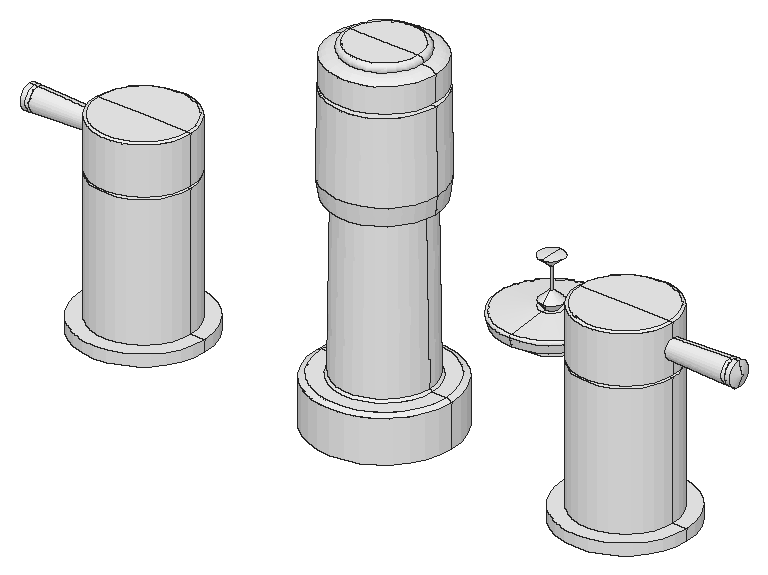
Revit family
Parameters (values of type "2064.401.002")
  Waste Connection = no
  WFU = 0
  Vent Connection = no
  URL = "http://www.americanstandard-us.com/"
  Type Comments = ""
  Revised Date = "12/12/11"
  Product URL = "http://www.americanstandard-us.com/bathroom-faucets/one-fixture-mounted-bidet-fitting-faucet/"
  Phone # = "416-250-5656"
  Model = "2064.401.002"
  Material = Chrome Plated
  Manufacturer = "American Standard"
  HWFU = 0
  HW Connection = no
  Designed By = "ATS BIM Team"
  Description = "'SERIN' Bidet Faucet,polished chrome, 8\" (203mm) C.C., cast brass, washerless, 1/4 turn ceramic drip-free disc valve cartridges, with 8.3 LPM (2.2 GPM) max. flow spray outlet, metal lever handles, vacuum breaker, diverter valve control, built-in douche spray height adjustment and 'Speed-Connect' cable operated metal pop-up drain. "
  Cost = 0
  CWFU = 0
  CW Connection = no
Reference planes (in)
  plane 1: y = 0
  plane 2: z = 0
  plane 3: x = 0
  plane 4: y = 3.25
  plane 5: y = 4.75
  plane 6: x = -4
Forms (in)
  Revolve 1, solid, material "Chrome Plated" <- "Material"
    sketch origin (-60, 0, 0) x (1, 0, 0) y (0, 0, 1)
      loop
        line (60, 5.65927) -> (59.43665, 5.65927)
        arc (59.43665, 5.65927) -> (59.37511, 5.62586) -> (59.36962, 5.55605) r 0.07337
        arc (59.36962, 5.55605) -> (59.24706, 5.53623) -> (59.1375, 5.47784) r 0.37871
        line (59.1375, 5.47784) -> (59.1375, 5.06693) -> (59.24371, 5.06693) -> (59.24371, 5.00787) -> (59.12802, 5.00787) -> (59.10497, 3.68704) -> (59.15143, 3.3937) -> (59.2874, 3.3937) -> (59.25197, 0.76915) -> (59.21313, 0.73031) -> (58.97031, 0.73031) -> (58.87795, 0.69111) -> (58.87795, 0) -> (59.44916, 0) -> (59.44916, -0.28194) -> (60, -0.28194) -> (60, 5.65927)
      axis (60, 5.65927) -> (60, -0.28194)
    angle from 0 to 360
  Revolve 2, solid, material "Chrome Plated" <- "Material"
    sketch origin (-60, 0, 0) x (1, 0, 0) y (0, 0, 1)
      loop
        line (56, 3.18397) -> (55.26007, 3.18397) -> (55.2126, 3.16183) -> (55.2126, 2.3878) -> (55.30118, 2.3878) -> (55.30118, 2.35039) -> (55.2126, 2.35039) -> (55.2126, 0.18753) -> (54.97638, 0.18753) -> (54.97638, 0) -> (56, 0) -> (56, 3.18397)
      axis (56, 3.18397) -> (56, 0)
    angle from 0 to 360
  Revolve 3, solid, material "Chrome Plated" <- "Material"
    sketch origin (-60, 0, 0) x (1, 0, 0) y (0, 0, 1)
      loop
        line (54.05333, 2.78903) -> (55.41076, 2.78903) -> (55.41076, 2.93842) -> (54.25714, 2.9787) -> (54.22441, 2.95744) -> (54.192, 2.98098) -> (54.11286, 2.98374) -> (54.05333, 2.78903)
      axis (54.05333, 2.78903) -> (55.41076, 2.78903)
    angle from 0 to 360
  Revolve 4, solid, material "Chrome Plated" <- "Material"
    sketch origin (60, 0, 0) x (-1, 0, 0) y (0, 0, -1)
      loop
        line (56, -3.18397) -> (56, 0) -> (54.97638, 0) -> (54.97638, -0.18753) -> (55.2126, -0.18753) -> (55.2126, -2.35039) -> (55.30118, -2.35039) -> (55.30118, -2.3878) -> (55.2126, -2.3878) -> (55.2126, -3.16183) -> (55.26007, -3.18397) -> (56, -3.18397)
      axis (56, -3.18397) -> (56, 0)
    angle from 0 to 360
  Revolve 5, solid, material "Chrome Plated" <- "Material"
    sketch origin (60, 0, 0) x (-1, 0, 0) y (0, 0, -1)
      loop
        line (54.05333, -2.78903) -> (54.11286, -2.98374) -> (54.192, -2.98098) -> (54.22441, -2.95744) -> (54.25714, -2.9787) -> (55.41076, -2.93842) -> (55.41076, -2.78903) -> (54.05333, -2.78903)
      axis (54.05333, -2.78903) -> (55.41076, -2.78903)
    angle from 0 to 360
  Revolve 6, solid, material "Chrome Plated" <- "Material"
    sketch origin (0, -60, 0) x (0, 1, 0) y (0, 0, 1)
      loop
        line (63.46899, -0.26674) -> (63.94967, -0.26674) -> (63.94967, -0.03052) -> (64.29496, -0.03052) -> (64.33556, 0.11107)
        arc (64.33556, 0.11107) -> (64.32407, 0.1388) -> (64.29634, 0.15029) r 0.03922
        line (64.29634, 0.15029) -> (63.66298, 0.2057) -> (63.58347, 0.2057) -> (63.65498, 0.30413) -> (63.48321, 0.45879) -> (63.48321, 0.81631) -> (63.66575, 0.96948)
        arc (63.66575, 0.96948) -> (63.56778, 0.98495) -> (63.46899, 0.99364) r 1.43993
        line (63.46899, 0.99364) -> (63.46899, -0.26674)
      axis (63.46899, 0.99364) -> (63.46899, -0.26674)
    angle from 0 to 360
Cuts and joins
  joined: Revolve 1, Revolve 2, Revolve 3, Revolve 4, Revolve 5, Revolve 6
